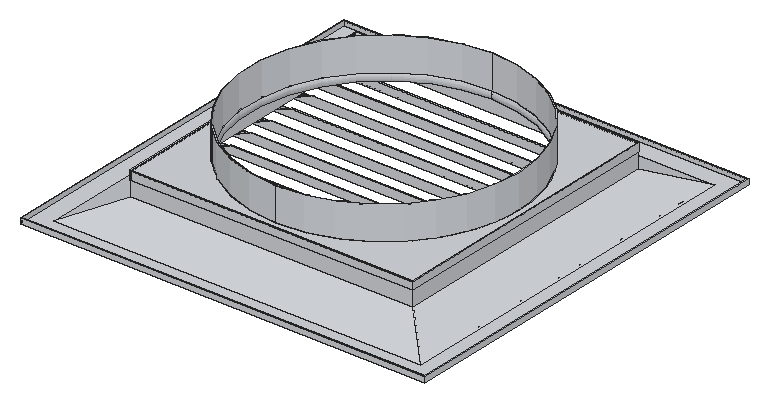
Revit family "SFRA-R-1V", category Generic Models, Revit 2012
Parameters (values of type "SFRA-R-1V-16-24")
  Width = Horizontal - 117" / 16  # 16 11/16"
  Vertical tapa = Vertical - 232" / 32  # 16 3/4"
  Vertical = 24"
  Largo regilla = Horizontal - (160" / 64)  # 21 1/2"
  Horizontal tapa = Horizontal - 232" / 32  # 16 3/4"
  Horizontal = 24"
  Height = Vertical - 117" / 16  # 16 11/16"
  Diametro cuello = 16"
  Cantidad de rejillas = (Vertical - 15" / 2) / (3" / 2)  # 11
Types (5): name | Width | Vertical tapa | Vertical | Largo regilla | Horizontal tapa | Horizontal | Height | Diametro cuello | Cantidad de rejillas
  (no name) | 16 11/16" | 16 3/4" | 24" | 21 1/2" | 16 3/4" | 24" | 16 11/16" | 16" | 11
  SFRA-R-1V-06-15 | 7 11/16" | 7 3/4" | 15" | 12 1/2" | 7 3/4" | 15" | 7 11/16" | 6" | 5
  SFRA-R-1V-08-18 | 10 11/16" | 10 3/4" | 18" | 15 1/2" | 10 3/4" | 18" | 10 11/16" | 8" | 7
  SFRA-R-1V-10-21 | 13 11/16" | 13 3/4" | 21" | 18 1/2" | 13 3/4" | 21" | 13 11/16" | 10" | 9
  SFRA-R-1V-16-24 | 16 11/16" | 16 3/4" | 24" | 21 1/2" | 16 3/4" | 24" | 16 11/16" | 16" | 11
Reference planes (in)
  plane 1 "Center (Front/Back)": y = 0
  plane 2: z = 0
  plane 3 "Center (Left/Right)": x = 0
  plane 4: x = -12
  plane 5: x = 12
  plane 6: y = 12
  plane 7: y = -12
Forms (in)
  Sweep 1, solid
    path origin (0, 0, 0) x (1, 0, 0) y (0, 1, 0)
      loop
        line (-12, 12) -> (-12, -12) -> (12, -12) -> (12, 12) -> (-12, 12)
    profile origin (0, 12, 0) x (0, 1, 0) y (0, 0, 1)
      loop
        line (0, 0) -> (0, 0.31224) -> (-0.06291, 0.31224) -> (-0.06291, 0.06224) -> (-1.10304, 0.06224) -> (-3.64993, 1.14333) -> (-3.64993, 2.51563) -> (-3.71089, 2.51563) -> (-3.71089, 1.10131) -> (-1.11637, 0) -> (0, 0)
Dimensions and locks (in)
  equal spacing: plane 4, plane 3 "Center (Left/Right)", plane 5
  equal spacing: plane 6, plane 1 "Center (Front/Back)", plane 7
  "Horizontal": plane 4 to plane 5
  "Vertical": plane 6 to plane 7
  profile plane to Sweep 1 sketch curve = 0.31224"
  Sweep 1 sketch curve to Sweep 1 sketch curve = 0.06291"
  Sweep 1 sketch curve to profile plane = 2 33/64"
  profile plane to Sweep 1 sketch curve = 3.71089"
  locked: nested 1 to Sweep 1 at 0.07813
  locked: Sweep 1 to nested 1 at 1.5
  equal spacing: group 1, group 2, group 3, group 4, group 5, group 6, group 7, group 8, group 9, group 10, group 11  (x3)
  locked: nested 2 to nested 1 at 1.5
  angle Sweep 1 sketch curve to Sweep 1 sketch curve = 157.00°
  aligned and locked: plane 2 to level
  aligned and locked: Sweep 1 sketch curve to plane 6
  aligned and locked: plane 4 to Sweep 1 sketch curve
  aligned and locked: plane 7 to Sweep 1 sketch curve
  aligned and locked: Sweep 1 sketch curve to plane 5
  aligned and locked: plane 3 "Center (Left/Right)" to nested 1
  aligned and locked: nested 1 to nested 2  (x2)
  aligned and locked: nested 2 to nested 2
  aligned and locked: nested 4 to Sweep 1
  aligned and locked: plane 1 "Center (Front/Back)" to nested 4
  aligned and locked: plane 3 "Center (Left/Right)" to nested 4
Automatic sketch dimensions
  Sweep 1 sketch curve to level = 0"
  Sweep 1 sketch curve to profile plane = 0"
  Sweep 1 sketch curve to Sweep 1 sketch curve = 0.06096"
  Sweep 1 sketch curve to Sweep 1 sketch curve = 1.05346"
  Sweep 1 sketch curve to Sweep 1 sketch curve = 0.01333"
  level to Sweep 1 sketch curve = 0.06224"
  Sweep 1 sketch curve to Sweep 1 sketch curve = 0.04202"
Nested families (in)
  nested 1: "rejilla SFRA1V" at (-10.75, -6.28486, -0.05787), type "rejilla SFRA1V"
    with Largo rejilla 21 1/2"
  nested 2: "rejilla SFRA1V" at (-10.75, -4.78486, -0.05787), type "rejilla SFRA1V"
    with Largo rejilla 21 1/2"
  nested 3: "rejilla SFRA1V" at (-10.75, -3.28486, -0.05787), type "rejilla SFRA1V"
    with Largo rejilla 21 1/2"
  nested 4: "tapa R" at (0, 0, 2.51563), type "tapa R"
    with Vertical tapa 16 3/4", Radio hole 8 1/32", Radio cuello 8", Horizontal tapa 16 3/4", Diametro cuello 16"
  nested 5: "rejilla SFRA1V" at (-10.75, -1.78486, -0.05787), type "rejilla SFRA1V"
    with Largo rejilla 21 1/2"
  nested 6: "rejilla SFRA1V" at (-10.75, -0.28486, -0.05787), type "rejilla SFRA1V"
    with Largo rejilla 21 1/2"
  nested 7: "rejilla SFRA1V" at (-10.75, 1.21514, -0.05787), type "rejilla SFRA1V"
    with Largo rejilla 21 1/2"
  nested 8: "rejilla SFRA1V" at (-10.75, 2.71514, -0.05787), type "rejilla SFRA1V"
    with Largo rejilla 21 1/2"
  nested 9: "rejilla SFRA1V" at (-10.75, 4.21514, -0.05787), type "rejilla SFRA1V"
    with Largo rejilla 21 1/2"
  nested 10: "rejilla SFRA1V" at (-10.75, 5.71514, -0.05787), type "rejilla SFRA1V"
    with Largo rejilla 21 1/2"
  nested 11: "rejilla SFRA1V" at (-10.75, 7.21514, -0.05787), type "rejilla SFRA1V"
    with Largo rejilla 21 1/2"
  nested 12: "rejilla SFRA1V" at (-10.75, 8.71514, -0.05787), type "rejilla SFRA1V"
    with Largo rejilla 21 1/2"
Definition of nested family "rejilla SFRA1V"
  Parameters (values of type "rejilla SFRA1V")
    Largo rejilla = 18"
  Reference planes (in)
    plane 1 "Center (Front/Back)": y = 0
    plane 2: z = 0
    plane 3 "Center (Left/Right)": x = 0
    plane 4: x = 18
    plane 5: x = 9
  Forms (in)
    Extrusion 1, solid
      sketch origin (0, 0, 0) x (0, 1, 0) y (0, 0, 1)
        loop
          arc (-0.0999, 0.00091) -> (0.00047, 0.11458) -> (-0.12461, 0.20032) r 0.10123
          line (-0.12461, 0.20032) -> (-0.12461, 0.0865) -> (-1.86468, 1.09113) -> (-1.86468, 1.55787) -> (-1.92613, 1.55787) -> (-1.92613, 1.05528) -> (-0.0999, 0.00091)
      from 0 to 18
    Extrusion 2, void
      sketch origin (0, 0, 0) x (1, 0, 0) y (0, 0, 1)
        loop
          line (0, 0.11913) -> (3.38946, 1.55787) -> (0, 1.55787) -> (0, 0.11913)
      from 0 to 12
    Extrusion 3, void
      sketch origin (0, 0, 0) x (1, 0, 0) y (0, 0, 1)
        loop
          line (18, 0.125) -> (18, 1.55787) -> (14.62436, 1.55787) -> (18, 0.125)
      from 0 to 12
  Cuts and joins
    Extrusion 2, Extrusion 3 cuts Extrusion 1
  Dimensions and locks (in)
    Extrusion 1 sketch curve to level = 1.55787"
    Extrusion 1 sketch curve to Extrusion 1 sketch curve = 0.50259"
    Extrusion 1 sketch curve to Extrusion 1 sketch curve = 1.82623"
    "Largo rejilla": plane 3 "Center (Left/Right)" to plane 4
    equal spacing: plane 4, plane 5, plane 3 "Center (Left/Right)"
    "Largo rejilla": plane 4 to plane 3 "Center (Left/Right)"
    Extrusion 2 to level = 1.55787"
    Extrusion 2 sketch curve to level = 0.11913"
    Extrusion 3 sketch curve to level = 1/8"
    angle Extrusion 1 sketch curve to Extrusion 1 sketch curve = 120.00°
    angle Extrusion 2 sketch curve to Extrusion 2 sketch curve = 23.00°
    angle Extrusion 3 sketch curve to cut or joined group of Extrusion 1, Extrusion 2, Extrusion 3 = 23.00°
    aligned and locked: plane 2 to level
    aligned and locked: plane 4 to Extrusion 1
    aligned and locked: Extrusion 2 to plane 3 "Center (Left/Right)"
    aligned and locked: Extrusion 2 to Extrusion 1
    aligned and locked: plane 3 "Center (Left/Right)" to Extrusion 2 sketch curve
    aligned and locked: plane 4 to Extrusion 3 sketch curve
    aligned and locked: Extrusion 3 sketch curve to cut or joined group of Extrusion 1, Extrusion 2, Extrusion 3
  Automatic sketch dimensions
    plane 1 "Center (Front/Back)" to Extrusion 1 sketch curve = 1.92613"
    Extrusion 1 sketch curve to Extrusion 1 sketch curve = 0.06145"
    plane 1 "Center (Front/Back)" to Extrusion 1 sketch curve = 0.12461"
    Extrusion 1 sketch curve to Extrusion 1 sketch curve = 0.02462"
    level to Extrusion 1 sketch curve = 0.20032"
    Extrusion 1 sketch curve to Extrusion 1 sketch curve = 0.09818"
    Extrusion 1 sketch curve to Extrusion 1 sketch curve = 1/64"
    level to Extrusion 2 sketch curve = 1.55787"
Definition of nested family "tapa R"
  Parameters (values of type "tapa R")
    Vertical tapa = 20"
    Radio hole = Radio cuello + 1" / 32  # 3 1/32"
    Radio cuello = Diametro cuello / 2  # 3"
    Horizontal tapa = 20"
    Diametro cuello = 6"
  Reference planes (in)
    plane 1 "Center (Front/Back)": y = 0
    plane 2: z = 0
    plane 3 "Center (Left/Right)": x = 0
    plane 4: x = -10
    plane 5: x = 10
    plane 6: y = 10
    plane 7: y = -10
    plane 8: z = 0.03125
    plane 9: z = -0.46875
    plane 10: z = 2
    plane 11: z = -0.4375
  Forms (in)
    Extrusion 1, solid
      sketch origin (0, 0, 0) x (1, 0, 0) y (0, 1, 0)
        loop
          line (-10, 10) -> (-10, -10) -> (10, -10) -> (10, 10) -> (-10, 10)
      from 0 to 0.03125
    Sweep 2, solid
      path origin (0, 0, 0) x (1, 0, 0) y (0, 1, 0)
        loop
          line (-10, 10) -> (-10, -10) -> (10, -10) -> (10, 10) -> (-10, 10)
      profile origin (0, 10, 0) x (0, 1, 0) y (0, 0, 1)
        loop
          line (0, 0) -> (-0.03125, 0) -> (-0.03125, -0.46875) -> (0, -0.46875) -> (0, 0)
    Extrusion 3, void
      sketch origin (0, 0, 0) x (1, 0, 0) y (0, 1, 0)
        loop
          circle (0, 0) r 3.03125
      from 0 to 0.03125
    Revolve 4, solid
      sketch origin (0, 0, 0) x (0, 1, 0) y (0, 0, 1)
        loop
          line (-3, 2) -> (-3.03125, 2) -> (-3.03125, 0)
          arc (-3.03125, 0) -> (-2.96733, -0.21875) -> (-3.03125, -0.4375) r 0.40625
          line (-3.03125, -0.4375) -> (-3, -0.4375)
          arc (-3, -0.4375) -> (-2.94104, -0.21875) -> (-3, 0) r 0.43527
          line (-3, 0) -> (-3, 2)
        axis (0, -0.4375) -> (0, 2)
      angle from 0 to 360
  Cuts and joins
    Extrusion 3 cuts Extrusion 1
  Dimensions and locks (in)
    equal spacing: plane 6, plane 1 "Center (Front/Back)", plane 7
    equal spacing: plane 4, plane 3 "Center (Left/Right)", plane 5
    "Horizontal tapa": plane 4 to plane 5
    "Vertical tapa": plane 6 to plane 7
    plane 8 to level = 1/32"
    plane 8 to plane 9 = 1/2"
    profile plane to Sweep 2 sketch curve = 1/32"
    plane 10 to level = 2"
    Revolve 4 sketch curve to Revolve 4 sketch curve = 1/32"
    plane 11 to cut or joined group of Extrusion 1, Extrusion 3 = 7/16"
    "Radio cuello": plane 1 "Center (Front/Back)" to Revolve 4 sketch curve
    "Radio hole": radius of Extrusion 3 sketch curve
    radius of Revolve 4 sketch curve = 13/32"
    aligned and locked: plane 2 to level
    aligned and locked: Extrusion 1 sketch curve to plane 6
    aligned and locked: plane 4 to Extrusion 1 sketch curve
    aligned and locked: plane 7 to Extrusion 1 sketch curve
    aligned and locked: Extrusion 1 sketch curve to plane 5
    aligned and locked: Extrusion 1 to plane 4
    aligned and locked: plane 6 to Extrusion 1
    aligned and locked: plane 5 to Extrusion 1
    aligned and locked: Extrusion 1 to plane 7
    aligned and locked: plane 8 to Extrusion 1
    aligned and locked: Sweep 2 sketch curve to Extrusion 1  (x4)
    aligned and locked: Sweep 2 sketch curve to plane 9
    aligned and locked: level to Sweep 2 sketch curve
    aligned and locked: Extrusion 3 to level
    aligned and locked: Extrusion 1 to Extrusion 3
    aligned and locked: Revolve 4 sketch curve to plane 10
  Automatic sketch dimensions
    Sweep 2 sketch curve to profile plane = 0"
    plane 1 "Center (Front/Back)" to Extrusion 3 sketch curve = 0"
    Extrusion 3 sketch curve to plane 3 "Center (Left/Right)" = 0"
    Revolve 4 sketch curve to plane 11 = 0"
    Revolve 4 sketch curve to plane 1 "Center (Front/Back)" = 0"
    Revolve 4 sketch curve to level = 0"  (x2)
    Revolve 4 sketch curve to level = 7/32"
    Revolve 4 sketch curve to Revolve 4 sketch curve = 0.00273"
    Revolve 4 sketch curve to Revolve 4 sketch curve = 1/32"
    Revolve 4 sketch curve to plane 9 = 15/32"
    plane 10 to Revolve 4 sketch curve = 3.44805"
